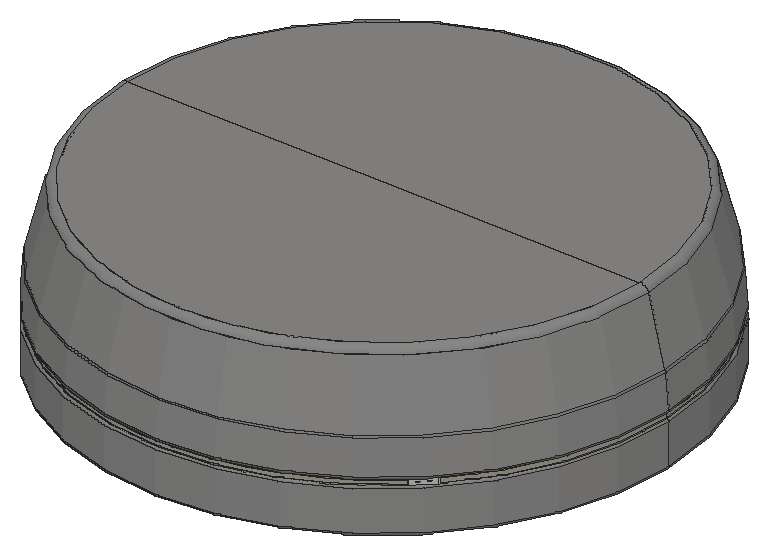
Revit family "Seating-Large-Teknion-STBD_With_USB_Qui-R2013", category Furniture, Revit 2013
Parameters (values of type "Large With USB")
  Width = 60.000"
  Warranty = "http://www.teknionstudio.com/pdfs/Teknion%20Studio%20Warranty.pdf"
  Voltage = 125 V
  Unit Weight = 0.00 lbf
  URL = "www.teknionstudio.com"
  Top Upholstery Finish [instance] = Fabric - Teknion - F206 - Full Wool - Fantasme
  Thread Finish [instance] = Thread - Teknion - Silver
  Series = "Studio"
  Product Line = "Qui"
  Product Documentation Link = "http://www.teknionstudio.com/pricing/STBD_ppg.pdf"
  Power Factor = 1
  Part Number = "STBD"
  Number of Poles = 1
  No Casters = no
  Model = "STBD5"
  Mid Wood Finish [instance] = Wood - Teknion - MP - Natural Maple
  Manufacturer Phone = "919-464-2920"
  Manufacturer Fax = "919-464-2927"
  Manufacturer Email = "customersupport@teknionstudio.com"
  Manufacturer Address = "3941 US 70 Business HWY West, Clayton, NC 27520"
  Manufacturer = "Teknion Studio"
  Low Emitting Material = yes
  Low Emitting Finish = yes
  Height = 17.3001"
  Description = "Qui Large Ottoman - Wood Mid Panel, w/USB Power - 60\"dia x 18\"h / 152cm x 46cm"
  Depth = 60.000"
  Connector Description = "Power Connector"
  Base Upholstery Finish [instance] = Fabric - Teknion - F206 - Full Wool - Fantasme
  Assembly Code = "E2020200"
  Apparent Load [instance] = 1250 VA
Reference planes (in)
  plane 1 "Center F/B": y = 0
  plane 2: z = 0
  plane 3 "Center L/R": x = 0
  plane 4 "Left": x = -30
  plane 5 "Right": x = 30
  plane 6 "Back": y = 30
  plane 7 "Front": y = -30
  plane 8 "Top": z = 17.3001
  plane 9 "Mid Top": z = 5.99
  plane 10 "Mid Bottom": z = 5.4351
  plane 11 "Casters Top": z = 2.6851
  plane 12 "Bottom": z = 0.75
  plane 13: y = -10.5
  plane 14: through (0, 0, 48) normal (-0.5, 0.866, 0)
  plane 15: through (0, 0, 48) normal (0.5, 0.866, 0)
  plane 16 "Wheel Mid Plane": z = 1.19
  plane 17 "Thread 2": z = 16.6501
  plane 18 "Thread 3": x = -0.325
  plane 19 "Thread 4": x = 0.325
  plane 20: x = -3.725
  plane 21: x = 3.725
  plane 22: z = 5.61
  plane 23: z = 5.81
Forms (in)
  Revolve 1, solid, material "Fabric - Teknion - F206 - Full Wool - Fantasme" <- "Base Upholstery Finish"
    sketch origin (0, 0, 0) x (1, 0, 0) y (0, 0, 1)
      loop
        line (0, 5.4351) -> (-29.75, 5.4351)
        arc (-29.75, 5.4351) -> (-29.92678, 5.36188) -> (-30, 5.1851) r 0.25
        line (-30, 5.1851) -> (-30, 1)
        arc (-30, 1) -> (-29.92678, 0.82322) -> (-29.75, 0.75) r 0.25
        line (-29.75, 0.75) -> (0, 0.75) -> (0, 5.4351)
      axis (0, 5.4351) -> (0, 0.75)
    angle from 0 to 360
  Revolve 2, solid, material "Wood - Teknion - MP - Natural Maple" <- "Mid Wood Finish"
    sketch origin (0, 0, 0) x (1, 0, 0) y (0, 0, 1)
      loop
        arc (-29.65, 6.0501) -> (-29.72071, 6.02081) -> (-29.75, 5.9501) r 0.1
        line (-29.75, 5.9501) -> (-29.75, 5.47013)
        arc (-29.75, 5.47013) -> (-29.72067, 5.39933) -> (-29.64987, 5.37) r 0.10013
        line (-29.64987, 5.37) -> (0, 5.37) -> (0, 6.0501) -> (-29.65, 6.0501)
      axis (0, 6.0501) -> (0, 5.37)
    angle from 0 to 360
  Revolve 3, solid, material "Fabric - Teknion - F206 - Full Wool - Fantasme" <- "Top Upholstery Finish"
    sketch origin (0, 0, 0) x (1, 0, 0) y (0, 0, 1)
      loop
        line (0, 17.3001) -> (0, 5.99) -> (29.73328, 5.99)
        arc (29.73328, 5.99) -> (29.9176, 6.0711) -> (29.98233, 6.26179) r 0.25
        line (29.98233, 6.26179) -> (29.67651, 9.75731)
        arc (29.67651, 9.75731) -> (29.66114, 9.87407) -> (29.63565, 9.98906) r 1.35
        line (29.63565, 9.98906) -> (27.8554, 16.63304)
        arc (27.8554, 16.63304) -> (27.53395, 17.11412) -> (26.98607, 17.3001) r 0.9
        line (26.98607, 17.3001) -> (0, 17.3001)
      axis (0, 5.99) -> (0, 17.3001)
    angle from 0 to 360
  Revolve 4, solid, material "Plastic - Teknion - E - Ebony"
    sketch origin (0, -16.9, 0) x (0, 1, 0) y (0, 0, 1)
      loop
        line (-10.5, 0) -> (-10.5, 0.75) -> (-11, 0.75) -> (-10.89982, 0) -> (-10.5, 0)
      axis (-10.5, 0) -> (-10.5, 0.75)
    angle from 0 to 360
  Sweep 5, void
    path origin (0, 0, 0) x (1, 0, 0) y (0, 0, 1)
      loop
        line (0, 10) -> (0, 0)
    profile origin (0, 0, 5) x (0, -1, 0) y (1, 0, 0)
      loop
        arc (-23.58894, -21.62318) -> (-22.62742, -22.62742) -> (-21.62318, -23.58894) r 32
        line (-21.62318, -23.58894) -> (-15.78212, -17.74788)
        arc (-15.78212, -17.74788) -> (0, -23.75) -> (15.78212, -17.74788) r 23.75
        line (15.78212, -17.74788) -> (21.62318, -23.58894)
        arc (21.62318, -23.58894) -> (22.62742, -22.62742) -> (23.58894, -21.62318) r 32
        line (23.58894, -21.62318) -> (17.74788, -15.78212)
        arc (17.74788, -15.78212) -> (23.75, 0) -> (17.74788, 15.78212) r 23.75
        line (17.74788, 15.78212) -> (23.58894, 21.62318)
        arc (23.58894, 21.62318) -> (22.62742, 22.62742) -> (21.62318, 23.58894) r 32
        line (21.62318, 23.58894) -> (15.78212, 17.74788)
        arc (15.78212, 17.74788) -> (0, 23.75) -> (-15.78212, 17.74788) r 23.75
        line (-15.78212, 17.74788) -> (-21.62318, 23.58894)
        arc (-21.62318, 23.58894) -> (-22.62742, 22.62742) -> (-23.58894, 21.62318) r 32
        line (-23.58894, 21.62318) -> (-17.74788, 15.78212)
        arc (-17.74788, 15.78212) -> (-23.75, 0) -> (-17.74788, -15.78212) r 23.75
        line (-17.74788, -15.78212) -> (-23.58894, -21.62318)
  Sweep 6, solid, material "Metal - Teknion - C9 - Polished Aluminum"
    path origin (0, 0, 0) x (1, 0, 0) y (0, 0, 1)
      loop
        line (0, 6.0501) -> (0, 5.37)
    profile origin (0, 0, 5.71005) x (0, -1, 0) y (1, 0, 0)
      loop
        line (-19.64275, 21.53497) -> (-20.02256, 21.91477)
        arc (-20.02256, 21.91477) -> (-20.09118, 21.94404) -> (-20.16097, 21.91766) r 0.1
        arc (-20.16097, 21.91766) -> (-21.05764, 21.05764) -> (-21.91766, 20.16097) r 29.78
        arc (-21.91766, 20.16097) -> (-21.94404, 20.09118) -> (-21.91477, 20.02256) r 0.1
        line (-21.91477, 20.02256) -> (-21.53497, 19.64275) -> (-21.49042, 19.6873) -> (-21.89743, 20.0943)
        arc (-21.89743, 20.0943) -> (-21.01521, 21.01521) -> (-20.0943, 21.89743) r 29.72
        line (-20.0943, 21.89743) -> (-19.6873, 21.49042) -> (-19.64275, 21.53497)
      loop
        arc (20.16097, 21.91766) -> (20.09118, 21.94404) -> (20.02256, 21.91477) r 0.1
        line (20.02256, 21.91477) -> (19.64275, 21.53497) -> (19.6873, 21.49042) -> (20.0943, 21.89743)
        arc (20.0943, 21.89743) -> (21.01521, 21.01521) -> (21.89743, 20.0943) r 29.72
        line (21.89743, 20.0943) -> (21.49042, 19.6873) -> (21.53497, 19.64275) -> (21.91477, 20.02256)
        arc (21.91477, 20.02256) -> (21.94404, 20.09118) -> (21.91766, 20.16097) r 0.1
        arc (21.91766, 20.16097) -> (21.05764, 21.05764) -> (20.16097, 21.91766) r 29.78
      loop
        line (-21.53497, -19.64275) -> (-21.91477, -20.02256)
        arc (-21.91477, -20.02256) -> (-21.94404, -20.09118) -> (-21.91766, -20.16097) r 0.1
        arc (-21.91766, -20.16097) -> (-21.05764, -21.05764) -> (-20.16097, -21.91766) r 29.78
        arc (-20.16097, -21.91766) -> (-20.09118, -21.94404) -> (-20.02256, -21.91477) r 0.1
        line (-20.02256, -21.91477) -> (-19.64275, -21.53497) -> (-19.6873, -21.49042) -> (-20.0943, -21.89743)
        arc (-20.0943, -21.89743) -> (-21.01521, -21.01521) -> (-21.89743, -20.0943) r 29.72
        line (-21.89743, -20.0943) -> (-21.49042, -19.6873) -> (-21.53497, -19.64275)
      loop
        line (19.64275, -21.53497) -> (20.02269, -21.91491)
        arc (20.02269, -21.91491) -> (20.09118, -21.94412) -> (20.16083, -21.91779) r 0.0998
        arc (20.16083, -21.91779) -> (21.05747, -21.05781) -> (21.91745, -20.16119) r 29.78
        arc (21.91745, -20.16119) -> (21.94392, -20.09118) -> (21.91456, -20.02234) r 0.10032
        line (21.91456, -20.02234) -> (21.53497, -19.64275) -> (21.49042, -19.6873) -> (21.89743, -20.0943)
        arc (21.89743, -20.0943) -> (21.01521, -21.01521) -> (20.0943, -21.89743) r 29.72
        line (20.0943, -21.89743) -> (19.6873, -21.49042) -> (19.64275, -21.53497)
  Sweep 7, void
    path origin (0.325, 0, 0) x (0, 0, 1) y (0, -1, 0)
      loop
        line (5.81, 0) -> (5.61, 0)
    profile origin (0.325, 0, 5.71) x (1, 0, 0) y (0, 1, 0)
      loop
        line (20.37642, 21.71292) -> (-0.325, 1.0115) -> (-21.02642, 21.71292)
        arc (-21.02642, 21.71292) -> (-21.20837, 21.53798) -> (-21.38885, 21.36152) r 30
        line (-21.38885, 21.36152) -> (-0.325, 0.29767) -> (20.73885, 21.36152)
        arc (20.73885, 21.36152) -> (20.55837, 21.53798) -> (20.37642, 21.71292) r 30
      loop
        line (21.03652, 21.06385) -> (-0.02733, 0) -> (21.03652, -21.06385)
        arc (21.03652, -21.06385) -> (21.21298, -20.88337) -> (21.38792, -20.70142) r 30
        line (21.38792, -20.70142) -> (0.6865, 0) -> (21.38792, 20.70142)
        arc (21.38792, 20.70142) -> (21.21298, 20.88337) -> (21.03652, 21.06385) r 30
      loop
        line (20.73885, -21.36152) -> (-0.325, -0.29767) -> (-21.38885, -21.36152)
        arc (-21.38885, -21.36152) -> (-21.20837, -21.53798) -> (-21.02642, -21.71292) r 30
        line (-21.02642, -21.71292) -> (-0.325, -1.0115) -> (20.37642, -21.71292)
        arc (20.37642, -21.71292) -> (20.55837, -21.53798) -> (20.73885, -21.36152) r 30
      loop
        line (-21.68652, -21.06385) -> (-0.62267, 0) -> (-21.68652, 21.06385)
        arc (-21.68652, 21.06385) -> (-21.86298, 20.88337) -> (-22.03792, 20.70142) r 30
        line (-22.03792, 20.70142) -> (-1.3365, 0) -> (-22.03792, -20.70142)
        arc (-22.03792, -20.70142) -> (-21.86298, -20.88337) -> (-21.68652, -21.06385) r 30
  Revolve 8, solid, material "Plastic - Teknion - E - Ebony"
    sketch origin (-14.63583, -8.45, 0) x (0.866025, 0.5, 0) y (0, 0, 1)
      loop
        line (-10.5, 0) -> (-10.5, 0.75) -> (-11, 0.75) -> (-10.89982, 0) -> (-10.5, 0)
      axis (-10.5, 0) -> (-10.5, 0.75)
    angle from 0 to 360
  Revolve 9, solid, material "Plastic - Teknion - E - Ebony"
    sketch origin (-14.63583, 8.45, 0) x (0.866025, -0.5, 0) y (0, 0, 1)
      loop
        line (-10.5, 0) -> (-10.5, 0.75) -> (-11, 0.75) -> (-10.89982, 0) -> (-10.5, 0)
      axis (-10.5, 0) -> (-10.5, 0.75)
    angle from 0 to 360
  Revolve 10, solid, material "Plastic - Teknion - E - Ebony"
    sketch origin (0, 16.9, 0) x (0, -1, 0) y (0, 0, 1)
      loop
        line (-10.5, 0) -> (-10.5, 0.75) -> (-11, 0.75) -> (-10.89982, 0) -> (-10.5, 0)
      axis (-10.5, 0) -> (-10.5, 0.75)
    angle from 0 to 360
  Revolve 11, solid, material "Plastic - Teknion - E - Ebony"
    sketch origin (14.63583, 8.45, 0) x (-0.866025, -0.5, 0) y (0, 0, 1)
      loop
        line (-10.5, 0) -> (-10.5, 0.75) -> (-11, 0.75) -> (-10.89982, 0) -> (-10.5, 0)
      axis (-10.5, 0) -> (-10.5, 0.75)
    angle from 0 to 360
  Revolve 12, solid, material "Plastic - Teknion - E - Ebony"
    sketch origin (14.63583, -8.45, 0) x (-0.866025, 0.5, 0) y (0, 0, 1)
      loop
        line (-10.5, 0) -> (-10.5, 0.75) -> (-11, 0.75) -> (-10.89982, 0) -> (-10.5, 0)
      axis (-10.5, 0) -> (-10.5, 0.75)
    angle from 0 to 360
Cuts and joins
  Sweep 5 cuts Revolve 2
  Sweep 7 cuts Sweep 6
Lines and regions (in)
  Masking region 1
    outline origin (0, 0, 17.3001) x (-1, 0, 0) y (0, -1, 0)
      loop
        circle (0, 0) r 30
  symbolic lines, detail levels fine
    curve 1: circle (0, 0, 17.3001) r 29.5 normal (0, 0, 1)
  symbolic lines, detail levels medium+fine
    curve 2: circle (0, 0, 17.3001) r 27.85 normal (0, 0, 1)
  symbolic lines
    curve 3: circle (0, 0, 17.3001) r 27.35 normal (0, 0, 1)
  model lines, detail levels medium+fine
    curve 4: arc (0.325, -27.8481, 16.6501) -> (2.0288, -27.77601, 16.6501) -> (3.725, -27.59976, 16.6501) r 27.85
    curve 5: arc (-3.725, -27.59976, 16.6501) -> (-2.0288, -27.77601, 16.6501) -> (-0.325, -27.8481, 16.6501) r 27.85
    curve 7: line (-0.325, -27.85035, 16.6501) -> (-0.325, -29.64438, 9.95469)
    curve 8: line (-0.325, -29.97955, 6.24243) -> (-0.325, -29.69419, 9.50408)
    curve 9: arc (-0.325, -29.64438, 9.95469) -> (-0.325, -29.67065, 9.72953) -> (-0.325, -29.69419, 9.50408) r 18.79624
    curve 10: arc (-0.325, -29.97955, 6.24243) -> (-0.325, -29.90562, 6.06393) -> (-0.325, -29.72712, 5.99) r 0.25243
    curve 11: line (-0.325, -30, 5.19389) -> (-0.325, -30, 1.00401)
    curve 12: arc (-0.325, -30, 1.00401) -> (-0.325, -29.9256, 0.8244) -> (-0.325, -29.74599, 0.75) r 0.25401
    curve 13: arc (-0.325, -30, 5.19389) -> (-0.325, -29.93367, 5.36175) -> (-0.325, -29.76808, 5.43354) r 0.23582
    curve 14: line (0.325, -27.85035, 16.6501) -> (0.325, -29.64438, 9.95469)
    curve 15: line (0.325, -29.97955, 6.24243) -> (0.325, -29.69419, 9.50408)
    curve 16: arc (0.325, -29.64438, 9.95469) -> (0.325, -29.67065, 9.72953) -> (0.325, -29.69419, 9.50408) r 18.79624
    curve 17: arc (0.325, -29.97955, 6.24243) -> (0.325, -29.90562, 6.06393) -> (0.325, -29.72712, 5.99) r 0.25243
    curve 18: line (0.325, -30, 5.19389) -> (0.325, -30, 1.00401)
    curve 19: arc (0.325, -30, 1.00401) -> (0.325, -29.9256, 0.8244) -> (0.325, -29.74599, 0.75) r 0.25401
    curve 20: arc (0.325, -30, 5.19389) -> (0.325, -29.93367, 5.36175) -> (0.325, -29.76808, 5.43354) r 0.23582
  model lines, detail levels fine
    curve 6: arc (-3.725, -27.09514, 17.3001) -> (0, -27.35, 17.3001) -> (3.725, -27.09514, 17.3001) r 27.35
Dimensions and locks (in)
  "Height": plane 8 "Top" to level
  equal spacing: plane 4 "Left", plane 3 "Center L/R", plane 5 "Right"
  "Width": plane 4 "Left" to plane 5 "Right"
  equal spacing: plane 6 "Back", plane 1 "Center F/B", plane 7 "Front"
  "Depth": plane 6 "Back" to plane 7 "Front"
  locked: plane 3 "Center L/R" to Revolve 2 sketch curve at 29.75
  locked: plane 16 "Wheel Mid Plane" to plane 2 at 1.19
  plane 19 "Thread 4" to plane 3 "Center L/R" to plane 18 "Thread 3" = 0.325", 0.325"
  locked: plane 19 "Thread 4" to plane 18 "Thread 3" at 0.65
  Revolve 2 sketch curve to Revolve 2 sketch curve to Revolve 2 sketch curve to Revolve 2 sketch curve to plane 2 = 0.100" locked, 0.47997" locked, 0.10013" locked, 5.370" locked
  equal spacing: plane 20, plane 3 "Center L/R", plane 21
  locked: plane 20 to plane 21 at 7.45
  locked: Sweep 5 sketch curve to Sweep 5 sketch curve at 2.78  (x2)
  locked: Sweep 5 sketch curve to plane 2 at 10
  Sweep 6 sketch curve to Sweep 6 sketch curve to plane 2 = 0.6801" locked, 5.370" locked
  Sweep 6 sketch curve to Sweep 6 sketch curve to Sweep 6 sketch curve = 29.11704" locked, 29.11704" locked  (x2)
  Sweep 6 sketch curve to Sweep 6 sketch curve to Sweep 6 sketch curve to Sweep 6 sketch curve = 0.063" locked, 2.550" locked, 0.063" locked  (x2)
  plane 23 to plane 22 to plane 2 = 0.200" locked, 5.610" locked
  Sweep 7 sketch curve to Sweep 7 sketch curve to Sweep 7 sketch curve to Sweep 7 sketch curve = 0.50476" locked, 0.42097" locked, 0.50476" locked  (x2)
  plane 20 to plane 3 "Center L/R" to plane 21 = 3.725" locked, 3.725" locked
  locked: plane 13 to plane 7 "Front" at 19.5
  plane 11 "Casters Top" to plane 12 "Bottom" to level = 1.9351" locked, 0.750" locked
  locked: plane 8 "Top" to plane 17 "Thread 2" at 0.65
  radius of curve 1 = 29.500"
  radius of curve 2 = 27.850"
  radius of curve 3 = 27.350"
  radius of curve 13 = 0.23582"
  radius of curve 10 = 0.25243"
  radius of curve 12 = 0.25401"
  radius of curve 6 = 27.350"
  radius of curve 4 = 27.850"
  radius of Masking region 1 sketch curve = 30.000"
  radius of Sweep 5 sketch curve = 23.750"
  radius of Sweep 5 sketch curve = 32.000"
  radius of Sweep 6 sketch curve = 29.780"  (x2)
  radius of Sweep 6 sketch curve = 29.720"
  locked: plane 5 "Right" to Revolve 3 sketch curve (angle 15.00°)
  locked: plane 5 "Right" to Revolve 3 sketch curve (angle 5.00°)
  locked: curve 5 to curve 5 (angle 7.01784°)
  locked: curve 4 to curve 4 (angle 7.01784°)
  angle plane 7 "Front" to curve 7 = 15.00°
  locked: plane 7 "Front" to curve 8 (angle 5.00°)
  angle Sweep 5 sketch curve to plane 1 "Center F/B" to Sweep 5 sketch curve = 45.00° locked, 45.00° locked  (x2)
  angle Sweep 6 sketch curve to plane 1 "Center F/B" to Sweep 6 sketch curve = 45.00° locked, 45.00° locked
  angle Sweep 7 sketch curve to plane 1 "Center F/B" to Sweep 7 sketch curve = 45.00° locked, 45.00° locked
  aligned and locked: level to plane 2
  aligned and locked: plane 8 "Top" to Revolve 1 sketch curve
  aligned and locked: plane 2 to Revolve 1 sketch curve
  aligned and locked: Revolve 1 sketch curve to plane 3 "Center L/R"  (x2)
  aligned and locked: Revolve 1 sketch curve to plane 4 "Left"
  aligned and locked: Revolve 1 sketch curve to plane 12 "Bottom"
  aligned and locked: plane 10 "Mid Bottom" to Revolve 1 sketch curve
  aligned and locked: plane 8 "Top" to Revolve 2 sketch curve
  aligned and locked: plane 2 to Revolve 2 sketch curve
  aligned and locked: Revolve 2 sketch curve to plane 3 "Center L/R"  (x2)
  aligned and locked: plane 8 "Top" to Revolve 3 sketch curve
  aligned and locked: plane 2 to Revolve 3 sketch curve
  aligned and locked: plane 3 "Center L/R" to Revolve 3 sketch curve
  aligned and locked: Revolve 3 sketch curve to plane 8 "Top"
  aligned and locked: Revolve 3 sketch curve to plane 9 "Mid Top"
  aligned and locked: Revolve 3 sketch curve to plane 3 "Center L/R"
  aligned and locked: curve 4 to curve 5
  aligned and locked: curve 7 to curve 14
  aligned and locked: curve 16 to curve 9
  aligned and locked: curve 15 to curve 8
  aligned and locked: curve 17 to curve 10
  aligned and locked: curve 20 to curve 13
  aligned and locked: curve 18 to curve 11
  aligned and locked: curve 19 to curve 12
  aligned and locked: curve 7 to curve 4
  aligned and locked: plane 3 "Center L/R" to Masking region 1 sketch curve
  aligned and locked: plane 1 "Center F/B" to Masking region 1 sketch curve
  aligned and locked: plane 1 "Center F/B" to curve 2
  aligned and locked: plane 3 "Center L/R" to curve 2
  aligned and locked: plane 20 to curve 6
  aligned and locked: plane 21 to curve 6
  aligned and locked: curve 4 to curve 14
  aligned and locked: plane 21 to curve 4
  aligned and locked: curve 5 to curve 7
  aligned and locked: plane 2 to Sweep 5 sketch curve
  aligned and locked: Sweep 5 sketch curve to plane 3 "Center L/R"
  aligned and locked: Sweep 5 sketch curve to Sweep 5 sketch curve  (x10)
  aligned and locked: plane 1 "Center F/B" to Sweep 5 sketch curve  (x2)
  aligned and locked: plane 3 "Center L/R" to Sweep 5 sketch curve  (x2)
  aligned and locked: Sweep 6 sketch curve to plane 3 "Center L/R"
  aligned and locked: plane 3 "Center L/R" to Sweep 6 sketch curve  (x2)
  aligned and locked: plane 1 "Center F/B" to Sweep 6 sketch curve  (x2)
  aligned and locked: Sweep 6 sketch curve to Sweep 6 sketch curve  (x18)
  aligned and locked: plane 22 to Sweep 7 sketch curve
  aligned and locked: plane 23 to Sweep 7 sketch curve
  aligned and locked: Sweep 7 sketch curve to plane 1 "Center F/B"
  aligned and locked: Sweep 7 sketch curve to Sweep 7 sketch curve  (x8)
  aligned and locked: plane 1 "Center F/B" to curve 1
  aligned and locked: plane 3 "Center L/R" to curve 1
  aligned and locked: plane 1 "Center F/B" to curve 3
  aligned and locked: plane 3 "Center L/R" to curve 3
Automatic sketch dimensions
  plane 4 "Left" to Revolve 1 sketch curve = 0.250"
  plane 12 "Bottom" to Revolve 1 sketch curve = 0.250"
  Revolve 3 sketch curve to plane 5 "Right" = 0.01767"
  plane 9 "Mid Top" to Revolve 3 sketch curve = 0.27179"
  Revolve 3 sketch curve to plane 8 "Top" = 0.66706"
  Revolve 3 sketch curve to Revolve 3 sketch curve = 0.86933"
  Revolve 3 sketch curve to plane 5 "Right" = 0.36435"
  Revolve 3 sketch curve to Revolve 3 sketch curve = 0.04086"
  Revolve 3 sketch curve to plane 5 "Right" = 0.26672"
  Revolve 3 sketch curve to Revolve 3 sketch curve = 1.34486"
  Revolve 3 sketch curve to Revolve 3 sketch curve = 0.23175"
  Revolve 4 sketch curve to Revolve 4 sketch curve = 0.10018"
  Revolve 4 sketch curve to Revolve 4 sketch curve = 0.39982"
  Revolve 4 sketch curve to Revolve 4 sketch curve = 0.000"  (x2)
  Revolve 4 sketch curve to Revolve 4 sketch curve = 0.750"
  Revolve 4 sketch curve to Revolve 4 sketch curve = 16.5501"
  curve 13 to plane 10 "Mid Bottom" = 0.00156"
  curve 18 to plane 7 "Front" = 0.000"
  curve 18 to plane 16 "Wheel Mid Plane" = 0.18599"
  curve 14 to plane 7 "Front" = 0.35562"
  curve 19 to plane 12 "Bottom" = 0.000"
  curve 17 to plane 9 "Mid Top" = 0.000"
  curve 14 to plane 17 "Thread 2" = 0.000"
  curve 18 to plane 10 "Mid Bottom" = 0.24121"
  curve 15 to plane 7 "Front" = 0.02045"
  plane 9 "Mid Top" to curve 15 = 0.25243"
  curve 15 to plane 7 "Front" = 0.30581"
  curve 17 to curve 15 = 3.26165"
  curve 16 to curve 14 = 0.45061"
  curve 18 to curve 20 = 0.00386"
  curve 20 to plane 10 "Mid Bottom" = 0.00156"
  curve 16 to plane 13 = 0.48821"
  curve 14 to plane 7 "Front" = 2.14965"
  curve 20 to curve 18 = 0.23579"
  plane 1 "Center F/B" to curve 5 = 0.000"
  Sweep 5 sketch curve to Sweep 5 sketch curve = 1.96576"
  Sweep 5 sketch curve to Sweep 5 sketch curve = 0.000"
  Sweep 6 sketch curve to Sweep 6 sketch curve = 0.37981"  (x2)
  Sweep 6 sketch curve to Sweep 6 sketch curve = 0.07175"  (x3)
  Sweep 6 sketch curve to Sweep 6 sketch curve = 0.07162"
  Sweep 6 sketch curve to Sweep 6 sketch curve = 0.01713"
  Sweep 6 sketch curve to Sweep 6 sketch curve = 0.01735"
  Sweep 6 sketch curve to Sweep 6 sketch curve = 0.02023"  (x3)
  Sweep 6 sketch curve to Sweep 6 sketch curve = 0.000"  (x5)
  Sweep 6 sketch curve to Sweep 6 sketch curve = 0.05336"  (x3)
  Sweep 6 sketch curve to Sweep 6 sketch curve = 0.00104"  (x4)
  Sweep 6 sketch curve to Sweep 6 sketch curve = 0.06652"
  Sweep 6 sketch curve to Sweep 6 sketch curve = 0.0538"
  Sweep 6 sketch curve to Sweep 6 sketch curve = 0.02003"
  Sweep 7 sketch curve to Sweep 7 sketch curve = 0.000"  (x14)
  profile plane to Sweep 7 sketch curve = 0.000"  (x2)
  Sweep 7 sketch curve to Sweep 7 sketch curve = 0.35141"  (x4)
  Sweep 7 sketch curve to Sweep 7 sketch curve = 0.29767"  (x4)
  Sweep 7 sketch curve to plane 19 "Thread 4" = 0.325"  (x2)
  curve 1 to curve 6 = 0.000"  (x2)
  Revolve 8 sketch curve to Revolve 8 sketch curve = 0.10018"
  Revolve 8 sketch curve to Revolve 8 sketch curve = 0.39982"
  Revolve 8 sketch curve to Revolve 8 sketch curve = 0.000"  (x2)
  Revolve 8 sketch curve to Revolve 8 sketch curve = 0.750"
  Revolve 8 sketch curve to Revolve 8 sketch curve = 16.5501"
  Revolve 9 sketch curve to Revolve 9 sketch curve = 0.10018"
  Revolve 9 sketch curve to Revolve 9 sketch curve = 0.39982"
  Revolve 9 sketch curve to Revolve 9 sketch curve = 0.000"  (x2)
  Revolve 9 sketch curve to Revolve 9 sketch curve = 0.750"
  Revolve 9 sketch curve to Revolve 9 sketch curve = 16.5501"
  Revolve 10 sketch curve to Revolve 10 sketch curve = 0.10018"
  Revolve 10 sketch curve to Revolve 10 sketch curve = 0.39982"
  Revolve 10 sketch curve to Revolve 10 sketch curve = 0.000"  (x2)
  Revolve 10 sketch curve to Revolve 10 sketch curve = 0.750"
  Revolve 10 sketch curve to Revolve 10 sketch curve = 16.5501"
  Revolve 11 sketch curve to Revolve 11 sketch curve = 0.10018"
  Revolve 11 sketch curve to Revolve 11 sketch curve = 0.39982"
  Revolve 11 sketch curve to Revolve 11 sketch curve = 0.000"  (x2)
  Revolve 11 sketch curve to Revolve 11 sketch curve = 0.750"
  Revolve 11 sketch curve to Revolve 11 sketch curve = 16.5501"
  Revolve 12 sketch curve to Revolve 12 sketch curve = 0.10018"
  Revolve 12 sketch curve to Revolve 12 sketch curve = 0.39982"
  Revolve 12 sketch curve to Revolve 12 sketch curve = 0.000"  (x2)
  Revolve 12 sketch curve to Revolve 12 sketch curve = 0.750"
  Revolve 12 sketch curve to Revolve 12 sketch curve = 16.5501"
Connectors (in)
  electrical at (0, 0, 0.75), driven by "Number of Poles", driven by "Voltage", driven by "Apparent Load", driven by "Power Factor", driven by "Apparent Load", driven by "Connector Description"
    settings: index 1, voltage 125 V, apparent load 1250 VA, apparent load phase1 1250 VA, apparent load phase2 0 VA, apparent load phase3 0 VA, power factor 1, load classification "Power", number of poles 1, system type 30, power factor state 1, is connector primary yes, connector utility no, sub classification motor no, connector description "Power Connector"
